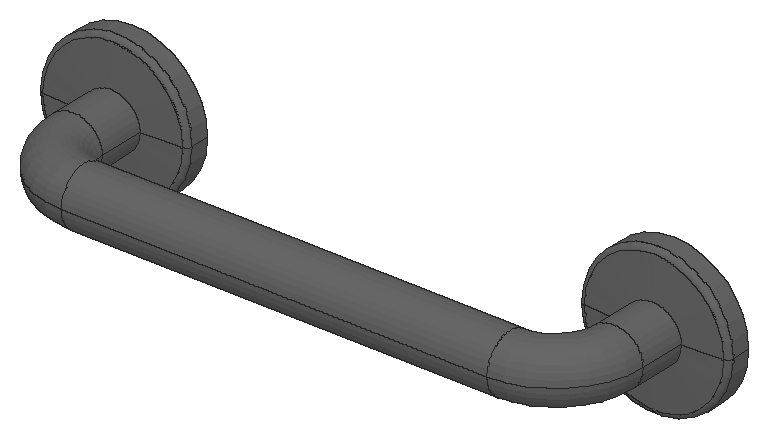
Revit family "rba-bim-rba4005 Series", category Plumbing Fixtures, Revit 2018
Family settings
  Round Connector Dimension = Use Diameter
  Part Type = Normal
  Work Plane-Based = No
  Always vertical = Yes
  Cut with Voids When Loaded = No
  Shared = No
  Room Calculation Point = No
Parameters (values of type "Straight Grab Rail 300mm")
  Watermarked By = "www.rba.com.au"
  URL = "www.rba.com.au"
  Phone Number = ""
  OFFSET [instance] = 800 mm
  Modified Issue = "20211007.01"
  Model = "RBA4005-030"
  Materials and Finishes = Stainless Steel Matte Black Finish
  Manufacturer = "RBA Group"  # constant formula
  Lgth = 300 mm
  Diameter = 32 mm
  Description = "Straight Grab Rail 300mm"
  Copyright by = "RBA Group"  # constant formula
Types (9, lengths in mm): name | URL | Phone Number | Modified Issue | Model | Lgth | Description
  Straight Grab Rail 300mm | "www.rba.com.au" | "" | "20211007.01" | "RBA4005-030" | 300 | "Straight Grab Rail 300mm"
  Straight Grab Rail 450mm | "www.rba.com.au" | "" | "20211007.01" | "RBA4005-045" | 450 | "Straight Grab Rail 450mm"
  Straight Grab Rail 600mm | "www.rba.com.au" | "" | "20191004.01" | "RBA4005-060" | 600 | "Straight Grab Rail 600mm"
  Straight Grab Rail 750mm | "http://www.rba.com.au/accessible-disabled/grab-rails" | "1300 788 778" | "20191004.01" | "RBA4000-075" | 750 | "Straight Grab Rail 750mm"
  Straight Grab Rail 900mm | "www.rba.com.au" | "" | "20211007.01" | "RBA4005-090" | 900 | "Straight Grab Rail 900mm"
  Straight Grab Rail 800mm | "http://www.rba.com.au/accessible-disabled/grab-rails" | "1300 788 778" | "20191004.01" | "RBA4000-080" | 800 | "Straight Grab Rail 800mm"
  Straight Grab Rail 1000mm | "http://www.rba.com.au/accessible-disabled/grab-rails" | "1300 788 778" | "20191004.01" | "RBA4000-100" | 1000 | "Straight Grab Rail 1000mm"
  Straight Grab Rail 1200mm | "http://www.rba.com.au/accessible-disabled/grab-rails" | "1300 788 778" | "20191004.01" | "RBA4000-120" | 1200 | "Straight Grab Rail 1200mm"
  Straight Grab Rail 400mm | "www.rba.com.au" | "" | "20191108.1" | "RBA4000-040" | 400 | "Straight Grab Rail 400mm"
Reference planes
  plane 1 "Center (Front/Back)": y = 0
  plane 2: z = 0
  plane 3 "Center (Left/Right)": x = 0
  plane 4: x = 0
  plane 5: x = 0
  plane 6: y = -57
  plane 7: y = -89
  plane 8: x = 300
  plane 9: z = 16
  plane 10: z = -16
Forms (mm)
  Sweep 1, solid, material "Stainless Steel Matte Black Finish" <- "Materials and Finishes"
    path origin (-273.954, -750, 0) x (0, -1, 0) y (1, 0, 0)
      loop
        line (-740, 573.954) -> (-709, 573.954)
        arc (-709, 573.954) -> (-686.373, 564.582) -> (-677, 541.954) r 32
        line (-677, 541.954) -> (-677, 305.954)
        arc (-677, 305.954) -> (-686.373, 283.327) -> (-709, 273.954) r 32
        line (-709, 273.954) -> (-740, 273.954)
    profile origin (150, -73, 0) x (0, -1, 0) y (0, 0, 1)
      loop
        circle (0, 0) r 16
  Extrusion 2, solid, material "Stainless Steel Matte Black Finish" <- "Materials and Finishes"
    sketch origin (62.5, -2.628, -315.907) x (0, 0, 1) y (1, 0, 0)
      loop
        circle (315.907, -62.5) r 40
    from -0.206 to 2.628
  Revolve 3, solid, material "Stainless Steel Matte Black Finish" <- "Materials and Finishes"
    sketch origin (62.5, 18.663, 0) x (-1, 0, 0) y (0, -1, 0)
      loop
        line (62.5, 18.663) -> (104, 18.663) -> (104, 28.968)
        arc (104, 28.968) -> (103.207, 31.014) -> (101.243, 31.992) r 3.037
        arc (101.243, 31.992) -> (81.892, 33.334) -> (62.5, 33.781) r 420.249
        line (62.5, 33.781) -> (62.5, 18.663)
      axis (62.5, 18.663) -> (62.5, 33.781)
    angle from 0 to 360
  Extrusion 4, void
    sketch origin (62.704, 34.941, -270.785) x (-0.515038, 0, 0.857167) y (0.857167, 0, 0.515038)
      loop
        circle (290.148, 101.118) r 4.73
      loop
        circle (263.938, 115.713) r 4.73
      loop
        circle (238.193, 100.312) r 4.73
      loop
        circle (290.67, 71.223) r 4.73
      loop
        circle (264.985, 55.722) r 4.73
    from -37.775 to -34.941
  Extrusion 5, solid, material "Stainless Steel Matte Black Finish" <- "Materials and Finishes"
    sketch origin (237.5, -2.628, -315.907) x (0, 0, 1) y (1, 0, 0)
      loop
        circle (315.907, 62.5) r 40
    from -0.206 to 2.628
  Revolve 6, solid, material "Stainless Steel Matte Black Finish" <- "Materials and Finishes"
    sketch origin (237.5, 18.663, 0) x (-1, 0, 0) y (0, -1, 0)
      loop
        line (-62.5, 18.663) -> (-62.5, 33.781)
        arc (-62.5, 33.781) -> (-81.892, 33.334) -> (-101.243, 31.992) r 420.249
        arc (-101.243, 31.992) -> (-103.207, 31.014) -> (-104, 28.968) r 3.037
        line (-104, 28.968) -> (-104, 18.663) -> (-62.5, 18.663)
      axis (-62.5, 18.663) -> (-62.5, 33.781)
    angle from 0 to 360
  Extrusion 7, void
    sketch origin (362.704, 34.941, -270.785) x (-0.515038, 0, 0.857167) y (0.857167, 0, 0.515038)
      loop
        circle (290.148, 101.118) r 4.73
      loop
        circle (263.938, 115.713) r 4.73
      loop
        circle (238.193, 100.312) r 4.73
      loop
        circle (290.67, 71.223) r 4.73
      loop
        circle (264.985, 55.722) r 4.73
    from -37.775 to -34.941
Cuts and joins
  Extrusion 7 cuts Sweep 1
  Extrusion 4, Extrusion 7 cuts Extrusion 2
  Extrusion 4, Extrusion 7 cuts Revolve 3
  Extrusion 7 cuts Extrusion 5
  Extrusion 7 cuts Revolve 6
  joined: Sweep 1, Extrusion 2, Revolve 3, Extrusion 5, Revolve 6
Dimensions and locks
  "Lgth": plane 3 "Center (Left/Right)" to plane 8
  radius of Sweep 1 sketch curve = 16 mm
  aligned and locked: level to plane 2
  aligned and locked: Revolve 3 to Extrusion 2
  aligned and locked: Extrusion 2 to Extrusion 4
  aligned and locked: Revolve 6 to Extrusion 5
Automatic sketch dimensions
  Sweep 1 sketch curve to plane 8 = 0 mm
  Sweep 1 sketch curve to plane 3 "Center (Left/Right)" = 0 mm
  plane 6 to Sweep 1 sketch curve = 16 mm  (x2)
  Sweep 1 sketch curve to plane 6 = 16 mm
  plane 1 "Center (Front/Back)" to Sweep 1 sketch curve = 10 mm  (x2)
  Sweep 1 sketch curve to profile plane = 0 mm  (x2)
  Extrusion 2 sketch curve to level = 0 mm
  Extrusion 2 sketch curve to plane 3 "Center (Left/Right)" = 0 mm
  plane 1 "Center (Front/Back)" to Revolve 3 sketch curve = 0 mm
  Revolve 3 sketch curve to plane 3 "Center (Left/Right)" = 0 mm  (x2)
  plane 1 "Center (Front/Back)" to Revolve 3 sketch curve = 10.305 mm
  Revolve 3 sketch curve to plane 3 "Center (Left/Right)" = 38.463 mm
  Revolve 3 sketch curve to Revolve 3 sketch curve = 3.037 mm
  Revolve 3 sketch curve to plane 1 "Center (Front/Back)" = 405.131 mm
  Revolve 3 sketch curve to Revolve 3 sketch curve = 15.118 mm
  Revolve 3 sketch curve to plane 1 "Center (Front/Back)" = 21.537 mm
  Revolve 3 sketch curve to Revolve 3 sketch curve = 0 mm
  plane 6 to Revolve 3 sketch curve = 13.537 mm
  plane 10 to Extrusion 4 sketch curve = 1.05 mm
  plane 3 "Center (Left/Right)" to Extrusion 4 sketch curve = 26.01 mm
  Extrusion 4 sketch curve to Extrusion 4 sketch curve = 25.745 mm
  Extrusion 4 sketch curve to Extrusion 4 sketch curve = 26.792 mm
  Extrusion 4 sketch curve to Extrusion 4 sketch curve = 26.211 mm
  Extrusion 4 sketch curve to Extrusion 4 sketch curve = 0.522 mm
  Extrusion 4 sketch curve to Extrusion 4 sketch curve = 29.089 mm
  Extrusion 4 sketch curve to Extrusion 4 sketch curve = 15.501 mm
  Extrusion 4 sketch curve to Extrusion 4 sketch curve = 29.895 mm
  Extrusion 4 sketch curve to Extrusion 4 sketch curve = 15.402 mm
  Extrusion 5 sketch curve to level = 0 mm
  plane 8 to Extrusion 5 sketch curve = 0 mm
  plane 1 "Center (Front/Back)" to Revolve 6 sketch curve = 0 mm
  Revolve 6 sketch curve to plane 8 = 0 mm  (x2)
  plane 1 "Center (Front/Back)" to Revolve 6 sketch curve = 10.305 mm
  Revolve 6 sketch curve to plane 8 = 38.463 mm
  Revolve 6 sketch curve to Revolve 6 sketch curve = 3.037 mm
  Revolve 6 sketch curve to plane 1 "Center (Front/Back)" = 405.131 mm
  Revolve 6 sketch curve to Revolve 6 sketch curve = 15.118 mm
  Revolve 6 sketch curve to plane 1 "Center (Front/Back)" = 21.537 mm
  Revolve 6 sketch curve to Revolve 6 sketch curve = 0 mm
  plane 6 to Revolve 6 sketch curve = 13.537 mm
  plane 10 to Extrusion 7 sketch curve = 1.05 mm
  Extrusion 7 sketch curve to plane 8 = 26.01 mm
  Extrusion 7 sketch curve to Extrusion 7 sketch curve = 25.745 mm
  Extrusion 7 sketch curve to Extrusion 7 sketch curve = 26.792 mm
  Extrusion 7 sketch curve to Extrusion 7 sketch curve = 26.211 mm
  Extrusion 7 sketch curve to Extrusion 7 sketch curve = 0.522 mm
  Extrusion 7 sketch curve to Extrusion 7 sketch curve = 29.089 mm
  Extrusion 7 sketch curve to Extrusion 7 sketch curve = 15.501 mm
  Extrusion 7 sketch curve to Extrusion 7 sketch curve = 29.895 mm
  Extrusion 7 sketch curve to Extrusion 7 sketch curve = 15.402 mm
  radius of Extrusion 2 sketch curve = 40 mm
  radius of Extrusion 4 sketch curve = 4.73 mm  (x5)
  radius of Extrusion 5 sketch curve = 40 mm
  radius of Extrusion 7 sketch curve = 4.73 mm  (x5)
